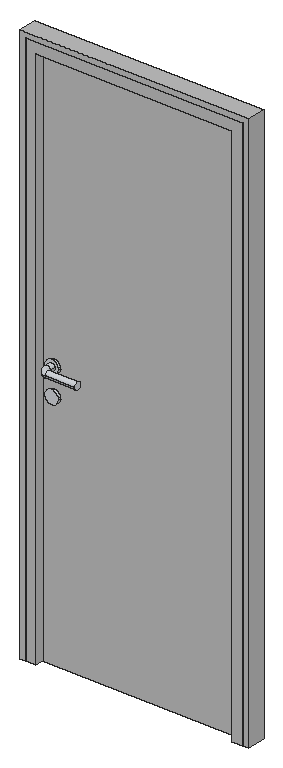
Revit family "BRU_Дверь_Однопольная_Стальная_Кл", category Двери, Revit 2021
Family settings
  Основа = Стена
  Номер OmniClass = 23.30.10.00
  Заголовок OmniClass = Doors
  Всегда вертикально = Да
  При загрузке вырезать с полостями = Нет
  Общий = Нет
  Точка принадлежности помещению = Нет
Parameters (values of type "ДСВ-О-Н 850х2100(h) Л")
  Четверть сверху.Размер [instance] = 30 mm
  Четверть (есть/нет) [instance] = no
  Четверть сверху [instance] = if([Четверть (есть/нет)], Четверть сверху.Размер, 0 mm)  # 0 mm
  Четверть сбоку [instance] = if([Четверть (есть/нет)], Четверти сбоку.Размер, 0 mm)  # 0 mm
  Четверти сбоку.Размер [instance] = 30 mm
  Угол в плане 30 [instance] = yes
  Тип полотна двери = Полотно : Глухое
  Ручка двери = none
  Рама двери.Ширина справа = 80 mm
  Рама двери.Ширина слева = 80 mm
  Рама двери.Ширина внизу = 80 mm
  Рама двери.Ширина вверху = 80 mm
  Полотно двери. Высота = Height - Коробка.Ширина  # 2050 mm
  Площадь [instance] = Rough Width * Rough Height  # 1.8955 m²
  Откосы.Ширина [instance] = 530 mm
  Define Thermal Properties by = 1
  Fire Rating = ""
  О_Обозначение = ""
  О_Наименование = ""
  Монтажный зазор снизу.Толщина [instance] = 130 mm
  Монтажный зазор сверху.Толщина = 20 mm
  Коробка.Ширина = 30 mm
  Коробка.Толщина = 70 mm
  Правая = no
  Полотно.Толщина = 40 mm
  Полотно двери = none
  Остекление двери = none
  Наличник.Ширина [instance] = 60 mm
  Наличник.Толщина [instance] = 10 mm
  Наличник снаружи (есть/нет) [instance] = no
  Наличник внутри (есть/нет) [instance] = no
  Монтажный зазор сбоку.Толщина = 20 mm
  Type Comments = ""
  Глубина выреза проема наружу [instance] = 200 mm
  Глубина выреза проема внутрь [instance] = 200 mm
  Глубина вставки двери [instance] = 0 mm
  Левая = not(Правая)  # yes
  Защитное ограждение (есть/нет) = no
  Огибание наружных слоев [instance] = 0 mm
  Width = 810 mm
  Rough Width [instance] = Width + Монтажный зазор сбоку.Толщина * 2  # 850 mm
  Rough Height [instance] = Height + Монтажный зазор сверху.Толщина + Монтажный зазор снизу.Толщина  # 2230 mm
  Группа модели = "Дверь глухая с порогом"
  Manufacturer = ""
  Wall Closure = (empty or 0)
  Height = 2080 mm
  Description = ""
  Тип конструкций = "Дверь стальная"
  Аналитическая конструкция = "<Нет>"
  BRU_ДверьТип = "BRU_Дверь_Однопольная_Стальная_Кладовки"
  ADSK_Этаж [instance] = ""
  ADSK_Толщина стены [instance] = 0 mm
  ADSK_Примечание [instance] = ""
  ADSK_Предел огнестойкости = "-"
  ADSK_Позиция [instance] = ""
  ADSK_Открывание = if(Правая, "Правая", "Левая")  # "Левая"
  ADSK_Обозначение = "ГОСТ 6629-88"  # constant formula
  ADSK_Наименование краткое = ""
  ADSK_Наименование = "ДСВ-О-Н 850х2100(h)"
  ADSK_Масса_Текст = ""
  ADSK_Количество [instance] = 0
  ADSK_Код изделия = ""
  ADSK_Зона [instance] = ""
  ADSK_Завод-изготовитель = ""
  ADSK_Единица измерения = ""
  ADSK_Группирование [instance] = ""
  ADSK_URL страницы изделия = ""
  ADSK_URL документации изделия = ""
Reference planes
  plane 1: y = 0
  plane 2 "По центру (Влево/Вправо)": x = 0
  plane 3 "Слева": x = -425
  plane 4 "Справа": x = 425
  plane 5: z = 2230
  plane 6 "Наружный": y = 300
  plane 7 "Внутренние": y = -300
  plane 8 "Вставка двери": y = 300
  plane 9 "Четверть слева": x = -425
  plane 10 "Четверть справа": x = 425
  plane 11 "Четверть сверху": z = 2230
  plane 12 "Полотно двери": y = 260
  plane 13 "Рама внутри": y = 230
  plane 14 "Монтажный зазор слева": x = -405
  plane 15 "Монтажный зазор справа": x = 405
  plane 16 "Монтажный зазор сверху": z = 2210
  plane 17 "Глубина огибания наружного слоя": y = 300
  plane 18: y = 310
  plane 19: x = 415
  plane 20: y = -310
  plane 21: x = -415
  plane 22: y = 500
  plane 23: y = -500
  plane 24 "2": z = 130
Forms (mm)
  Extrusion 1, void
    sketch origin (0, 0, 0) x (1, 0, 0) y (0, 1, 0)
      loop
        line (425, 300) -> (-425, 300) -> (-425, -500) -> (425, -500) -> (425, 300)
    from 0 to 2230
  Extrusion 2, void
    sketch origin (0, 0, 0) x (1, 0, 0) y (0, 1, 0)
      loop
        line (425, 500) -> (-425, 500) -> (-425, 300) -> (425, 300) -> (425, 500)
    from 0 to 2230
  Sweep 3, solid, material <- "Полотно двери", visible <- "Наличник снаружи (есть/нет)", detail levels fine
    path origin (0, 300, 0) x (1, 0, 0) y (0, 0, 1)
      loop
        line (-425, 130) -> (-425, 2230) -> (425, 2230) -> (425, 130)
    profile origin (-425, 300, 1180) x (-1, 0, 0) y (0, -1, 0)
      loop
        line (-10, 0) -> (-10, -5)
        arc (-10, -5) -> (-8.536, -8.536) -> (-5, -10) r 5
        line (-5, -10) -> (45, -10)
        arc (45, -10) -> (48.536, -8.536) -> (50, -5) r 5
        line (50, -5) -> (50, 0) -> (-10, 0)
  Sweep 4, solid, material <- "Полотно двери", visible <- "Наличник внутри (есть/нет)", detail levels fine
    path origin (0, -300, 0) x (1, 0, 0) y (0, 0, 1)
      loop
        line (-425, 130) -> (-425, 2230) -> (425, 2230) -> (425, 130)
    profile origin (-425, -300, 1180) x (-1, 0, 0) y (0, -1, 0)
      loop
        line (-20, 0) -> (40, 0) -> (40, 5)
        arc (40, 5) -> (38.536, 8.536) -> (35, 10) r 5
        line (35, 10) -> (-15, 10)
        arc (-15, 10) -> (-18.536, 8.536) -> (-20, 5) r 5
        line (-20, 5) -> (-20, 0)
  Sweep 5, solid, material <- "Полотно двери"
    path origin (0, 300, 0) x (-1, 0, 0) y (0, 0, 1)
      loop
        line (405, 130) -> (405, 2210) -> (-405, 2210) -> (-405, 130)
    profile origin (405, 300, 1170) x (0, 1, 0) y (-1, 0, 0)
      loop
        line (0, 0) -> (0, 30) -> (-40, 30) -> (-40, 40) -> (-70, 40) -> (-70, 0) -> (0, 0)
  Sweep 6, solid, material <- "Полотно двери", visible <- "Наличник снаружи (есть/нет)", detail levels fine
    path origin (0, 300, 0) x (-1, 0, 0) y (0, 0, 1)
      loop
        line (425, 130) -> (425, 2230) -> (-425, 2230) -> (-425, 130)
    profile origin (425, 300, 1180) x (0, 1, 0) y (-1, 0, 0)
      loop
        line (5, 0) -> (5, 10) -> (0, 10) -> (0, 0) -> (5, 0)
  Extrusion 7, solid, material <- "Полотно двери"
    sketch origin (-2514.822, 300, 1200) x (-1, 0, 0) y (0, 0, 1)
      loop
        line (-2939.822, 1030) -> (-2939.822, -1070) -> (-2918.822, -1070) -> (-2918.822, 1009) -> (-2110.822, 1009) -> (-2110.822, -1070) -> (-2089.822, -1070) -> (-2089.822, 1030) -> (-2939.822, 1030)
    from 0 to -70
Cuts and joins
  joined: Sweep 3, Sweep 6
Lines and regions (mm)
  Masking region 1, detail levels fine
    outline origin (0, 0, 0) x (0, 1, 0) y (0, 0, 1)
      loop
        line (230, 2170) -> (260, 2170) -> (260, 2180) -> (300, 2180) -> (300, 2210) -> (230, 2210) -> (230, 2170)
  Masking region 2, detail levels fine
    outline origin (0, 0, 0) x (0, 1, 0) y (0, 0, 1)
      loop
        line (300, 130) -> (300, 2180) -> (260, 2180) -> (260, 130) -> (300, 130)
  Masking region 3, detail levels fine
    outline origin (0, 0, 0) x (0, 1, 0) y (0, 0, 1)
      loop
        line (230, 2170) -> (230, 130) -> (260, 130) -> (260, 2170) -> (230, 2170)
  Masking region 4, detail levels coarse+medium
    outline origin (0, 0, 0) x (0, 1, 0) y (0, 0, 1)
      loop
        line (300, 130) -> (300, 2230) -> (230, 2230) -> (230, 130) -> (300, 130)
Text (mm)
  text "Наружный" at (-2295.016, 1099.543, 0), in view "Опорный уровень "
  text "Наружный" at (0, 1615.38, 3698.081), in view "Слева"
  text "Наружный" at (0, 1036.032, 3874.932), in view "Справа"
Dimensions and locks
  equal spacing: plane 14 "Монтажный зазор слева", plane 2 "По центру (Влево/Вправо)", plane 15 "Монтажный зазор справа"
  "Width": plane 14 "Монтажный зазор слева" to plane 15 "Монтажный зазор справа"
  "Height": plane 16 "Монтажный зазор сверху" to plane 24 "2"
  host wall to plane 5 = 2230 mm  (x2)
  locked: plane 6 "Наружный" to host wall
  locked: plane 7 "Внутренние" to host wall
  "Четверть сбоку": plane 3 "Слева" to plane 9 "Четверть слева"
  "Четверть сбоку": plane 10 "Четверть справа" to plane 4 "Справа"
  "Глубина вставки двери": plane 6 "Наружный" to plane 8 "Вставка двери"
  "Наличник.Ширина": Sweep 3 sketch curve to plane 21
  "Коробка.Толщина": plane 8 "Вставка двери" to plane 13 "Рама внутри"
  "Полотно.Толщина": plane 8 "Вставка двери" to plane 12 "Полотно двери"
  "Огибание наружных слоев": plane 6 "Наружный" to plane 17 "Глубина огибания наружного слоя"
  "Наличник.Ширина": Sweep 4 sketch curve to Sweep 4 sketch curve
  locked: Sweep 4 sketch curve to Sweep 4 sketch curve at 5  (x4)
  locked: Sweep 3 sketch curve to Sweep 3 sketch curve at 5
  "Коробка.Ширина": Sweep 5 sketch curve to profile plane
  locked: Sweep 5 sketch curve to Sweep 5 sketch curve at 10
  "Наличник.Толщина": plane 7 "Внутренние" to plane 20
  "Наличник.Толщина": plane 18 to plane 6 "Наружный"
  "Наличник.Толщина": plane 9 "Четверть слева" to plane 21
  "Наличник.Толщина": plane 19 to plane 10 "Четверть справа"
  locked: plane 18 to Sweep 3 sketch curve at 5  (x2)
  locked: Sweep 3 sketch curve to plane 21 at 5
  locked: plane 18 to Sweep 6 sketch curve at 5
  "Откосы.Ширина": plane 7 "Внутренние" to plane 13 "Рама внутри"
  equal spacing: plane 3 "Слева", plane 2 "По центру (Влево/Вправо)", plane 4 "Справа"
  "Rough Width": plane 3 "Слева" to plane 4 "Справа"
  "Глубина выреза проема внутрь": plane 23 to plane 7 "Внутренние"
  "Глубина выреза проема наружу": plane 6 "Наружный" to plane 22
  locked: Extrusion 7 sketch curve to plane 15 "Монтажный зазор справа" at 1
  locked: Extrusion 7 sketch curve to plane 16 "Монтажный зазор сверху" at 1
  locked: plane 14 "Монтажный зазор слева" to Extrusion 7 sketch curve at 1
  "Монтажный зазор снизу.Толщина": level to plane 24 "2"
  "Монтажный зазор сверху.Толщина": plane 5 to plane 16 "Монтажный зазор сверху"
  "Четверть сверху": plane 5 to plane 11 "Четверть сверху"
  aligned and locked: plane 1 to host wall
  aligned and locked: plane 8 "Вставка двери" to Extrusion 1 sketch curve
  aligned and locked: plane 3 "Слева" to Extrusion 1 sketch curve
  aligned and locked: Extrusion 1 sketch curve to plane 4 "Справа"
  aligned and locked: Extrusion 1 to level
  aligned and locked: Extrusion 1 to plane 5
  aligned and locked: Extrusion 2 sketch curve to plane 8 "Вставка двери"
  aligned and locked: plane 10 "Четверть справа" to Extrusion 2 sketch curve
  aligned and locked: Extrusion 2 sketch curve to plane 9 "Четверть слева"
  aligned and locked: Extrusion 2 to level
  aligned and locked: plane 11 "Четверть сверху" to Extrusion 2
  aligned and locked: plane 9 "Четверть слева" to Sweep 3 sketch curve
  aligned and locked: plane 11 "Четверть сверху" to Sweep 3 sketch curve
  aligned and locked: plane 10 "Четверть справа" to Sweep 3 sketch curve
  aligned and locked: Sweep 4 sketch curve to plane 3 "Слева"
  aligned and locked: Sweep 4 sketch curve to plane 5
  aligned and locked: Sweep 4 sketch curve to plane 4 "Справа"
  aligned and locked: Sweep 4 sketch curve to plane 7 "Внутренние"
  aligned and locked: Sweep 5 sketch curve to plane 15 "Монтажный зазор справа"
  aligned and locked: Sweep 5 sketch curve to plane 16 "Монтажный зазор сверху"
  aligned and locked: Sweep 5 sketch curve to plane 14 "Монтажный зазор слева"
  aligned and locked: profile plane to Sweep 5 sketch curve
  aligned and locked: plane 13 "Рама внутри" to Sweep 5 sketch curve
  aligned and locked: plane 8 "Вставка двери" to Sweep 5 sketch curve
  aligned and locked: plane 12 "Полотно двери" to Sweep 5 sketch curve
  aligned and locked: plane 12 "Полотно двери" to nested 1
  aligned and locked: nested 1 to plane 8 "Вставка двери"
  aligned and locked: Sweep 5 to nested 1
  aligned and locked: nested 1 to Sweep 5  (x2)
  aligned and locked: plane 2 "По центру (Влево/Вправо)" to nested 2
  aligned and locked: nested 2 to plane 8 "Вставка двери"
  aligned and locked: plane 12 "Полотно двери" to nested 2
  aligned and locked: plane 13 "Рама внутри" to nested 2
  aligned and locked: plane 2 "По центру (Влево/Вправо)" to nested 3
  aligned and locked: plane 8 "Вставка двери" to nested 3
  aligned and locked: nested 3 to plane 12 "Полотно двери"
  aligned and locked: nested 3 to plane 13 "Рама внутри"
  aligned and locked: Sweep 4 sketch curve to plane 14 "Монтажный зазор слева"
  aligned and locked: profile plane to Sweep 3 sketch curve
  aligned and locked: Sweep 6 sketch curve to plane 11 "Четверть сверху"
  aligned and locked: plane 10 "Четверть справа" to Sweep 6 sketch curve  (x2)
  aligned and locked: plane 9 "Четверть слева" to Sweep 6 sketch curve
  aligned and locked: plane 8 "Вставка двери" to Sweep 6 sketch curve
  aligned and locked: plane 20 to Sweep 4 sketch curve
  aligned and locked: plane 18 to Sweep 3 sketch curve
  aligned and locked: Sweep 6 sketch curve to plane 19
  aligned and locked: Masking region 1 sketch curve to Sweep 5  (x2)
  aligned and locked: plane 12 "Полотно двери" to Masking region 1 sketch curve
  aligned and locked: plane 13 "Рама внутри" to Masking region 1 sketch curve
  aligned and locked: plane 8 "Вставка двери" to Masking region 1 sketch curve
  aligned and locked: plane 16 "Монтажный зазор сверху" to Masking region 1 sketch curve
  aligned and locked: plane 8 "Вставка двери" to Masking region 2 sketch curve
  aligned and locked: plane 12 "Полотно двери" to Masking region 2 sketch curve
  aligned and locked: Masking region 2 sketch curve to Sweep 5
  aligned and locked: Masking region 3 sketch curve to Sweep 5
  aligned and locked: plane 13 "Рама внутри" to Masking region 3 sketch curve
  aligned and locked: plane 12 "Полотно двери" to Masking region 3 sketch curve
  aligned and locked: plane 8 "Вставка двери" to Masking region 4 sketch curve
  aligned and locked: plane 13 "Рама внутри" to Masking region 4 sketch curve
  aligned and locked: plane 5 to Masking region 4 sketch curve
  aligned and locked: Extrusion 7 sketch curve to plane 4 "Справа"
  aligned and locked: Extrusion 7 sketch curve to plane 3 "Слева"
  aligned and locked: Extrusion 7 sketch curve to plane 5
  aligned and locked: Extrusion 7 to plane 13 "Рама внутри"
  aligned and locked: plane 8 "Вставка двери" to Extrusion 7
  aligned and locked: plane 22 to Extrusion 2 sketch curve
  aligned and locked: Extrusion 1 sketch curve to plane 23
  aligned and locked: plane 24 "2" to Sweep 5 sketch curve  (x2)
  aligned and locked: plane 24 "2" to Sweep 3 sketch curve  (x2)
  aligned and locked: plane 24 "2" to Sweep 6 sketch curve  (x2)
  aligned and locked: plane 24 "2" to Sweep 4 sketch curve  (x2)
  aligned and locked: Extrusion 7 sketch curve to plane 24 "2"
  aligned and locked: plane 24 "2" to Extrusion 7 sketch curve
  aligned and locked: Masking region 4 sketch curve to plane 24 "2"
  aligned and locked: Masking region 3 sketch curve to plane 24 "2"
  aligned and locked: Masking region 2 sketch curve to plane 24 "2"
Nested families
  nested 1: "Полотно" at (0, 300, 130), type <- "Тип полотна двери", Полотно двери.Высота <- "Полотно двери. Высота", type "Глухое"
    with Полотно двери.Ширина 750 mm, Полотно двери.Толщина 40 mm, Полотно двери.Высота 2050 mm, Правая no, Левая yes
  nested 2: "Обозначение на плане" at (0, 300, 0), Ширина двери <- "Rough Width", visible <- "Правая", Монтажный зазор <- "Монтажный зазор сбоку.Толщина", Ширина коробки <- "Коробка.Ширина", Толщина полотна двери <- "Полотно.Толщина", Толщина коробки <- "Коробка.Толщина", type "По-умолчанию"
    with Ширина полотна двери 750 mm, Ширина коробки 30 mm, Ширина двери 850 mm, Толщина полотна двери 40 mm, Толщина коробки 70 mm, Монтажный зазор 20 mm
  nested 3: "Обозначение на плане" at (0, 300, 0) x (-1, 0, 0) z (0, 0, 1), Ширина двери <- "Rough Width", visible <- "Левая", Монтажный зазор <- "Монтажный зазор сбоку.Толщина", Ширина коробки <- "Коробка.Ширина", Толщина полотна двери <- "Полотно.Толщина", Толщина коробки <- "Коробка.Толщина", type "По-умолчанию"
    with Ширина полотна двери 750 mm, Ширина коробки 30 mm, Ширина двери 850 mm, Толщина полотна двери 40 mm, Толщина коробки 70 mm, Монтажный зазор 20 mm
Definition of nested family "Полотно"
  Parameters (values of type "Глухое")
    Ручка.Отступ от края = 50 mm
    Ручка.Высота расположения = 1000 mm
    Ручка двери = none
    Рама справа.Ширина = 150 mm
    Рама слева.Ширина = 150 mm
    Рама внизу.Ширина = 600 mm
    Рама вверху.Ширина = 150 mm
    Правая = yes
    Полотно остекленное = no
    Полотно двери.Ширина [instance] = 1000 mm
    Полотно двери.Толщина [instance] = 40 mm
    Полотно двери.Высота [instance] = 2100 mm
    Полотно двери = none
    Полотно глухое = yes
    Остекление двери = none
    Левая = not(Правая)  # no
    Защитные ограждения = no
    Analytic Construction = "<Нет>"
  Types (2, lengths in mm): name | Рама справа.Ширина | Рама слева.Ширина | Рама внизу.Ширина | Рама вверху.Ширина | Полотно остекленное | Полотно глухое
    Глухое | 150 | 150 | 600 | 150 | no | yes
    Остекленное | 80 | 80 | 80 | 80 | yes | no
  Reference planes
    plane 1 "Center (Front/Back)": y = 0
    plane 2: z = 0
    plane 3 "Center (Left/Right)": x = 0
    plane 4: x = -500
    plane 5: x = 500
    plane 6 "Back": y = -40
    plane 7: z = 2100
    plane 8 "Высота расположения ручки": z = 1000
    plane 9 "Отступ ручки справа": x = 450
    plane 10 "Отступ ручки слева": x = -450
    plane 11 "Остекление снаружи": y = -8
    plane 12 "Остекление внутри": y = -32
    plane 13 "Ширина рамы справа": x = -350
    plane 14 "Ширина рамы слева": x = 350
    plane 15 "Ширина рамы внизу": z = 600
    plane 16 "Ширина рамы вверху": z = 1950
    plane 17: z = 950
    plane 18: z = 800
    plane 19: z = 650
    plane 20: z = 1050
  Forms (mm)
    Extrusion 1, solid, material <- "Полотно двери", visible <- "Полотно глухое"
      sketch origin (0, 0, 0) x (1, 0, 0) y (0, 0, 1)
        loop
          line (-500, 2100) -> (-500, 0) -> (500, 0) -> (500, 2100) -> (-500, 2100)
      from 0 to 40 <- "Полотно двери.Толщина"
    Extrusion 2, solid, material <- "Полотно двери", visible <- "Полотно остекленное"
      sketch origin (0, 0, 0) x (1, 0, 0) y (0, 0, 1)
        loop
          line (-500, 2100) -> (-500, 0) -> (500, 0) -> (500, 2100) -> (-500, 2100)
        loop
          line (-350, 600) -> (350, 600) -> (350, 1950) -> (-350, 1950) -> (-350, 600)
      from 0 to 40
    Extrusion 3, solid, material <- "Остекление двери", visible <- "Полотно остекленное"
      sketch origin (-646.608, -8, 1200) x (-1, 0, 0) y (0, 0, 1)
        loop
          line (-296.608, 750) -> (-996.608, 750) -> (-996.608, -600) -> (-296.608, -600) -> (-296.608, 750)
      from 0 to -24
    Sweep 4, solid, material <- "Ручка двери", visible <- "Защитные ограждения", detail levels medium+fine
      path origin (-858.179, -1524, 950) x (-1, 0, 0) y (0, -1, 0)
        loop
          arc (-478.179, -1469) -> (-482.572, -1458.393) -> (-493.179, -1454) r 15
          line (-493.179, -1454) -> (-1223.179, -1454)
          arc (-1223.179, -1454) -> (-1233.785, -1458.393) -> (-1238.179, -1469) r 15
          line (-1238.179, -1469) -> (-1238.179, -1539)
          arc (-1238.179, -1539) -> (-1233.785, -1549.607) -> (-1223.179, -1554) r 15
          line (-1223.179, -1554) -> (-493.179, -1554)
          arc (-493.179, -1554) -> (-482.572, -1549.607) -> (-478.179, -1539) r 15
          line (-478.179, -1539) -> (-478.179, -1469)
      profile origin (-380, -20, 950) x (-1, 0, 0) y (0, 0, 1)
        loop
          circle (0, 0) r 10
    Sweep 5, solid, material <- "Ручка двери", visible <- "Защитные ограждения", detail levels medium+fine
      path origin (-858.179, -1524, 800) x (-1, 0, 0) y (0, -1, 0)
        loop
          arc (-478.179, -1469) -> (-482.572, -1458.393) -> (-493.179, -1454) r 15
          line (-493.179, -1454) -> (-1223.179, -1454)
          arc (-1223.179, -1454) -> (-1233.785, -1458.393) -> (-1238.179, -1469) r 15
          line (-1238.179, -1469) -> (-1238.179, -1539)
          arc (-1238.179, -1539) -> (-1233.785, -1549.607) -> (-1223.179, -1554) r 15
          line (-1223.179, -1554) -> (-493.179, -1554)
          arc (-493.179, -1554) -> (-482.572, -1549.607) -> (-478.179, -1539) r 15
          line (-478.179, -1539) -> (-478.179, -1469)
      profile origin (-380, -20, 800) x (-1, 0, 0) y (0, 0, 1)
        loop
          circle (0, 0) r 10
    Sweep 6, solid, material <- "Ручка двери", visible <- "Защитные ограждения", detail levels medium+fine
      path origin (-858.179, -1524, 650) x (-1, 0, 0) y (0, -1, 0)
        loop
          arc (-478.179, -1469) -> (-482.572, -1458.393) -> (-493.179, -1454) r 15
          line (-493.179, -1454) -> (-1223.179, -1454)
          arc (-1223.179, -1454) -> (-1233.785, -1458.393) -> (-1238.179, -1469) r 15
          line (-1238.179, -1469) -> (-1238.179, -1539)
          arc (-1238.179, -1539) -> (-1233.785, -1549.607) -> (-1223.179, -1554) r 15
          line (-1223.179, -1554) -> (-493.179, -1554)
          arc (-493.179, -1554) -> (-482.572, -1549.607) -> (-478.179, -1539) r 15
          line (-478.179, -1539) -> (-478.179, -1469)
      profile origin (-380, -20, 650) x (-1, 0, 0) y (0, 0, 1)
        loop
          circle (0, 0) r 10
  Lines and regions (mm)
    symbolic lines, visible <- "Правая", detail levels medium
      curve 1: line (-500, 0, 0) -> (500, 0, 1050)
      curve 2: line (500, 0, 1050) -> (-500, 0, 2100)
    symbolic lines, visible <- "Левая", detail levels medium
      curve 3: line (500, 0, 0) -> (-500, 0, 1050)
      curve 4: line (-500, 0, 1050) -> (500, 0, 2100)
  Dimensions and locks
    "Полотно двери.Толщина": plane 1 "Center (Front/Back)" to plane 6 "Back"
    equal spacing: plane 4, plane 3 "Center (Left/Right)", plane 5
    "Полотно двери.Ширина": plane 4 to plane 5
    "Полотно двери.Высота": plane 7 to plane 2
    "Ручка.Высота расположения": plane 8 "Высота расположения ручки" to level
    "Ручка.Отступ от края": plane 5 to plane 9 "Отступ ручки справа"
    "Ручка.Отступ от края": plane 10 "Отступ ручки слева" to plane 4
    locked: plane 12 "Остекление внутри" to plane 6 "Back" at 8
    locked: plane 1 "Center (Front/Back)" to plane 11 "Остекление снаружи" at 8
    "Рама вверху.Ширина": plane 7 to plane 16 "Ширина рамы вверху"
    "Рама внизу.Ширина": plane 15 "Ширина рамы внизу" to plane 2
    "Рама справа.Ширина": plane 5 to plane 14 "Ширина рамы слева"
    "Рама слева.Ширина": plane 13 "Ширина рамы справа" to plane 4
    locked: plane 17 to plane 2 at 950
    plane 17 to plane 18 to plane 19 = 150 mm locked, 150 mm locked
    locked: plane 1 "Center (Front/Back)" to Sweep 4 sketch curve at 30
    locked: Sweep 4 sketch curve to profile plane at 0
    locked: profile plane to Sweep 4 sketch curve at 0
    locked: Sweep 4 sketch curve to plane 6 "Back" at 30
    locked: Sweep 5 sketch curve to profile plane at 0
    locked: profile plane to Sweep 5 sketch curve at 0
    locked: Sweep 5 sketch curve to plane 6 "Back" at 30
    locked: plane 1 "Center (Front/Back)" to Sweep 5 sketch curve at 30
    locked: Sweep 6 sketch curve to profile plane at 0
    locked: profile plane to Sweep 6 sketch curve at 0
    locked: Sweep 6 sketch curve to plane 6 "Back" at 30
    locked: plane 1 "Center (Front/Back)" to Sweep 6 sketch curve at 30
    equal spacing: plane 7, plane 20, plane 2
    locked: Sweep 4 sketch curve to plane 13 "Ширина рамы справа" at 30
    locked: plane 14 "Ширина рамы слева" to Sweep 4 sketch curve at 30
    locked: plane 14 "Ширина рамы слева" to Sweep 5 sketch curve at 30
    locked: Sweep 5 sketch curve to plane 13 "Ширина рамы справа" at 30
    locked: Sweep 6 sketch curve to plane 13 "Ширина рамы справа" at 30
    locked: plane 14 "Ширина рамы слева" to Sweep 6 sketch curve at 30
    locked: Sweep 4 sketch curve to Sweep 4 sketch curve at 15  (x8)
    locked: Sweep 5 sketch curve to Sweep 5 sketch curve at 15  (x8)
    locked: Sweep 6 sketch curve to Sweep 6 sketch curve at 15  (x8)
    aligned and locked: level to plane 2
    aligned and locked: Extrusion 1 sketch curve to plane 7
    aligned and locked: plane 4 to Extrusion 1 sketch curve
    aligned and locked: plane 2 to Extrusion 1 sketch curve
    aligned and locked: Extrusion 1 sketch curve to plane 5
    aligned and locked: Extrusion 1 to plane 1 "Center (Front/Back)"
    aligned and locked: Extrusion 1 to plane 6 "Back"
    aligned and locked: nested 1 to plane 10 "Отступ ручки слева"
    aligned and locked: plane 1 "Center (Front/Back)" to nested 1
    aligned and locked: plane 6 "Back" to nested 1
    aligned and locked: plane 8 "Высота расположения ручки" to nested 1
    aligned and locked: nested 2 to plane 1 "Center (Front/Back)"
    aligned and locked: nested 2 to plane 6 "Back"
    aligned and locked: nested 2 to plane 9 "Отступ ручки справа"
    aligned and locked: nested 2 to plane 8 "Высота расположения ручки"
    aligned and locked: Extrusion 2 sketch curve to plane 4
    aligned and locked: Extrusion 2 sketch curve to plane 5
    aligned and locked: Extrusion 2 sketch curve to plane 7
    aligned and locked: Extrusion 2 sketch curve to plane 2
    aligned and locked: Extrusion 2 sketch curve to plane 15 "Ширина рамы внизу"
    aligned and locked: Extrusion 2 sketch curve to plane 13 "Ширина рамы справа"
    aligned and locked: Extrusion 2 sketch curve to plane 14 "Ширина рамы слева"
    aligned and locked: Extrusion 2 sketch curve to plane 16 "Ширина рамы вверху"
    aligned and locked: Extrusion 2 to plane 1 "Center (Front/Back)"
    aligned and locked: Extrusion 2 to plane 6 "Back"
    aligned and locked: plane 13 "Ширина рамы справа" to Extrusion 3 sketch curve
    aligned and locked: plane 14 "Ширина рамы слева" to Extrusion 3 sketch curve
    aligned and locked: plane 16 "Ширина рамы вверху" to Extrusion 3 sketch curve
    aligned and locked: plane 15 "Ширина рамы внизу" to Extrusion 3 sketch curve
    aligned and locked: Extrusion 3 to plane 11 "Остекление снаружи"
    aligned and locked: Extrusion 3 to plane 12 "Остекление внутри"
    aligned and locked: plane 4 to curve 1
    aligned and locked: plane 2 to curve 1
    aligned and locked: plane 5 to curve 2
    aligned and locked: plane 20 to curve 1
    aligned and locked: plane 7 to Extrusion 2
    aligned and locked: plane 4 to Extrusion 2
  Automatic sketch dimensions
    curve 3 to plane 4 = 0 mm
    curve 2 to plane 4 = 0 mm
    curve 3 to level = 0 mm
    curve 3 to plane 5 = 0 mm
    curve 4 to plane 5 = 0 mm
    curve 4 to plane 20 = 0 mm
    curve 4 to plane 7 = 0 mm
    curve 2 to plane 7 = 0 mm
    radius of Sweep 4 sketch curve = 10 mm
    radius of Sweep 5 sketch curve = 10 mm
    radius of Sweep 6 sketch curve = 10 mm
  Nested families
    nested 1: "Дверная ручка" at (-450, 0, 1000), visible <- "Левая", Полотно двери.Толщина <- "Полотно двери.Толщина", type "Дверная ручка", detail levels fine
      with Полотно двери.Толщина 40 mm
    nested 2: "Дверная ручка" at (450, 0, 1000) x (-1, 0, 0) z (0, 0, 1), visible <- "Правая", Полотно двери.Толщина <- "Полотно двери.Толщина", type "Дверная ручка", detail levels fine
      with Полотно двери.Толщина 40 mm
  Definition of nested family "Дверная ручка"
    Parameters (values of type "Дверная ручка")
      Полотно двери.Толщина [instance] = 40 mm
      Дверная ручка = none
      Analytic Construction = "<Нет>"
    Reference planes
      plane 1 "Center (Front/Back)": y = 0
      plane 2: z = 0
      plane 3 "Center (Left/Right)": x = 0
      plane 4: y = -40
      plane 5: z = -100
    Forms (mm)
      Sweep 1, solid, material <- "Дверная ручка", detail levels medium+fine
        path origin (0, 0, 0) x (1, 0, 0) y (0, 1, 0)
          loop
            line (130, 50) -> (20, 50)
            arc (20, 50) -> (5.858, 44.142) -> (0, 30) r 20
            line (0, 30) -> (0, -70)
            arc (0, -70) -> (5.858, -84.142) -> (20, -90) r 20
            line (20, -90) -> (130, -90)
        profile origin (0, -20, 0) x (1, 0, 0) y (0, 0, 1)
          loop
            circle (0, 0) r 12
      Extrusion 2, solid, material <- "Дверная ручка", detail levels medium+fine
        sketch origin (-2000, -40, 1200) x (-1, 0, 0) y (0, 0, 1)
          loop
            circle (-2000, -1200) r 25
        from 48 to -8
      Extrusion 3, solid, material <- "Дверная ручка", detail levels medium+fine
        sketch origin (-2000, -40, 1100) x (-1, 0, 0) y (0, 0, 1)
          loop
            circle (-2000, -1200) r 25
        from 48 to -8
    Cuts and joins
      joined: Sweep 1, Extrusion 2
    Dimensions and locks
      "Полотно двери.Толщина": plane 1 "Center (Front/Back)" to plane 4
      locked: Sweep 1 sketch curve to plane 4 at 50
      locked: plane 1 "Center (Front/Back)" to Sweep 1 sketch curve at 50
      locked: plane 4 to Sweep 1 sketch curve at 30
      locked: plane 1 "Center (Front/Back)" to Sweep 1 sketch curve at 30
      locked: plane 3 "Center (Left/Right)" to Sweep 1 sketch curve at 20  (x2)
      locked: plane 4 to Extrusion 2 at 8
      locked: Extrusion 3 sketch curve to plane 5 at 0
      locked: plane 3 "Center (Left/Right)" to Extrusion 3 sketch curve at 0
      locked: plane 1 "Center (Front/Back)" to cut or joined group of Sweep 1, Extrusion 2 at 8
      locked: Extrusion 3 to plane 1 "Center (Front/Back)" at 8
      aligned and locked: level to plane 2
      aligned and locked: Sweep 1 sketch curve to plane 3 "Center (Left/Right)"
    Automatic sketch dimensions
      Sweep 1 sketch curve to Sweep 1 sketch curve = 110 mm  (x2)
      Sweep 1 sketch curve to level = 0 mm
      profile plane to Sweep 1 sketch curve = 0 mm
      Extrusion 2 sketch curve to level = 0 mm
      Extrusion 2 sketch curve to plane 3 "Center (Left/Right)" = 0 mm
      radius of Sweep 1 sketch curve = 12 mm
      radius of Extrusion 2 sketch curve = 25 mm
      radius of Extrusion 3 sketch curve = 25 mm
Definition of nested family "Обозначение на плане"
  Parameters (values of type "По-умолчанию")
    Ширина полотна двери [instance] = Ширина двери - 60 mm - Монтажный зазор * 2  # 600 mm
    Ширина коробки [instance] = 30 mm
    Ширина двери [instance] = 700 mm
    Толщина полотна двери [instance] = 40 mm
    Толщина коробки [instance] = 80 mm
    Открывание двери.30° = yes
    Открывание двери.90° = not(Открывание двери.30°)  # no
    Монтажный зазор [instance] = 20 mm
    Линия открывания.Дуга = not(Открывание двери.30°)  # no
  Reference planes
    plane 1 "Center (Front/Back)": y = 0
    plane 2: z = 0
    plane 3 "Center (Left/Right)": x = 0
    plane 4: x = -350
    plane 5: x = 350
    plane 6 "Толщина коробки": y = -80
    plane 7 "Толщина полотна": y = -40
    plane 8: x = -330
    plane 9: x = 330
    plane 10: x = -300
    plane 11: x = 300
  Lines and regions (mm)
    Masking region 1, in view "Ref. Level", visible <- "Открывание двери.30°", detail levels fine
      outline origin (0, 0, 0) x (1, 0, 0) y (0, 1, 0)
        loop
          line (-300, 0) -> (-280, -34.641) -> (239.615, 265.359) -> (219.615, 300) -> (-300, 0)
    Masking region 2, in view "Ref. Level", visible <- "Открывание двери.90°", detail levels fine
      outline origin (0, 140, 0) x (1, 0, 0) y (0, 1, 0)
        loop
          line (-300, -140) -> (-260, -140) -> (-260, 460) -> (-300, 460) -> (-300, -140)
    Masking region 3, in view "Ref. Level", detail levels fine
      outline origin (0, 0, 0) x (1, 0, 0) y (0, 1, 0)
        loop
          line (-330, 0) -> (-350, 0) -> (-350, -80) -> (-330, -80) -> (-330, 0)
    Masking region 4, in view "Ref. Level", detail levels fine
      outline origin (0, 0, 0) x (1, 0, 0) y (0, 1, 0)
        loop
          line (-330, 0) -> (-330, -80) -> (-290, -80) -> (-290, -40) -> (-300, -40) -> (-300, 0) -> (-330, 0)
    Masking region 5, in view "Ref. Level", detail levels fine
      outline origin (0, 0, 0) x (1, 0, 0) y (0, 1, 0)
        loop
          line (330, 0) -> (330, -80) -> (350, -80) -> (350, 0) -> (330, 0)
    Masking region 6, in view "Ref. Level", detail levels fine
      outline origin (0, 0, 0) x (1, 0, 0) y (0, 1, 0)
        loop
          line (330, 0) -> (300, 0) -> (300, -40) -> (290, -40) -> (290, -80) -> (330, -80) -> (330, 0)
    Masking region 7, in view "Ref. Level", visible <- "Открывание двери.30°", detail levels fine
      outline origin (0, 140, 0) x (1, 0, 0) y (0, 1, 0)
        loop
          line (-300, -140) -> (-260, -140) -> (-260, 460) -> (-300, 460) -> (-300, -140)
    detail lines, in view "Ref. Level", visible <- "Открывание двери.90°", detail levels coarse+medium
      curve 1: line (-350, 0, 0) -> (-350, 700, 0)
    detail lines, in view "Ref. Level", visible <- "Линия открывания.Дуга", detail levels coarse+medium
      curve 2: arc (350, 0, 0) -> (144.975, 494.975, 0) -> (-350, 700, 0) r 700
    detail lines, in view "Ref. Level", visible <- "Открывание двери.30°", detail levels coarse+medium
      curve 3: line (-350, 0, 0) -> (256.218, 350, 0)
    detail lines, in view "Ref. Level", visible <- "Линия открывания.Дуга", detail levels fine
      curve 4: arc (300, 0, 0) -> (138.178, 409.878, 0) -> (-260, 598.665, 0) r 600
    detail lines, in view "Ref. Level", visible <- "Открывание двери.30°", detail levels fine
      curve 5: arc (300, 0, 0) -> (138.178, 409.878, 0) -> (-260, 598.665, 0) r 600
  Dimensions and locks
    equal spacing: plane 4, plane 3 "Center (Left/Right)", plane 5
    "Ширина двери": plane 4 to plane 5
    "Ширина двери": plane 1 "Center (Front/Back)" to curve 1
    "Ширина двери": curve 3 to curve 3
    "Толщина полотна двери": plane 1 "Center (Front/Back)" to plane 7 "Толщина полотна"
    "Толщина коробки": plane 1 "Center (Front/Back)" to plane 6 "Толщина коробки"
    "Монтажный зазор": plane 4 to plane 8
    "Монтажный зазор": plane 9 to plane 5
    "Ширина полотна двери": Masking region 1 sketch curve to Masking region 1 sketch curve
    "Ширина полотна двери": Masking region 2 sketch curve to Masking region 2 sketch curve
    "Толщина полотна двери": Masking region 2 sketch curve to Masking region 2 sketch curve
    "Ширина коробки": plane 8 to plane 10
    "Ширина коробки": plane 11 to plane 9
    locked: plane 10 to Masking region 4 sketch curve at 10
    locked: Masking region 6 sketch curve to plane 11 at 10
    "Ширина полотна двери": Masking region 7 sketch curve to Masking region 7 sketch curve
    "Толщина полотна двери": Masking region 7 sketch curve to Masking region 7 sketch curve
    "Ширина полотна двери": radius of curve 4
    "Ширина полотна двери": radius of curve 5
    locked: plane 1 "Center (Front/Back)" to curve 3 (angle 30.00°)
    locked: plane 1 "Center (Front/Back)" to Masking region 1 sketch curve (angle 30.00°)  (x2)
    aligned and locked: plane 1 "Center (Front/Back)" to curve 1
    aligned and locked: plane 1 "Center (Front/Back)" to curve 2
    aligned and locked: plane 4 to curve 3
    aligned and locked: plane 1 "Center (Front/Back)" to Masking region 1 sketch curve
    aligned and locked: Masking region 2 sketch curve to plane 1 "Center (Front/Back)"
    aligned and locked: Masking region 3 sketch curve to plane 8
    aligned and locked: Masking region 3 sketch curve to plane 4
    aligned and locked: Masking region 3 sketch curve to plane 6 "Толщина коробки"
    aligned and locked: Masking region 3 sketch curve to plane 1 "Center (Front/Back)"
    aligned and locked: Masking region 4 sketch curve to plane 8
    aligned and locked: Masking region 4 sketch curve to plane 10
    aligned and locked: Masking region 4 sketch curve to plane 6 "Толщина коробки"
    aligned and locked: Masking region 4 sketch curve to plane 7 "Толщина полотна"
    aligned and locked: Masking region 4 sketch curve to plane 1 "Center (Front/Back)"
    aligned and locked: plane 1 "Center (Front/Back)" to Masking region 5 sketch curve
    aligned and locked: plane 9 to Masking region 5 sketch curve
    aligned and locked: plane 6 "Толщина коробки" to Masking region 5 sketch curve
    aligned and locked: Masking region 5 sketch curve to plane 5
    aligned and locked: Masking region 6 sketch curve to plane 9
    aligned and locked: Masking region 6 sketch curve to plane 11
    aligned and locked: Masking region 6 sketch curve to plane 1 "Center (Front/Back)"
    aligned and locked: Masking region 6 sketch curve to plane 7 "Толщина полотна"
    aligned and locked: Masking region 6 sketch curve to plane 6 "Толщина коробки"
  Automatic sketch dimensions
    curve 4 to curve 5 = 0 mm  (x3)
    plane 1 "Center (Front/Back)" to curve 4 = 0 mm
    curve 4 to plane 10 = 0 mm
    plane 10 to curve 5 = 40 mm
    Masking region 1 sketch curve to plane 10 = 0 mm
    plane 7 "Толщина полотна" to Masking region 1 sketch curve = 5.359 mm
    Masking region 2 sketch curve to plane 10 = 0 mm
    Masking region 7 sketch curve to plane 10 = 0 mm
    plane 1 "Center (Front/Back)" to Masking region 7 sketch curve = 0 mm
